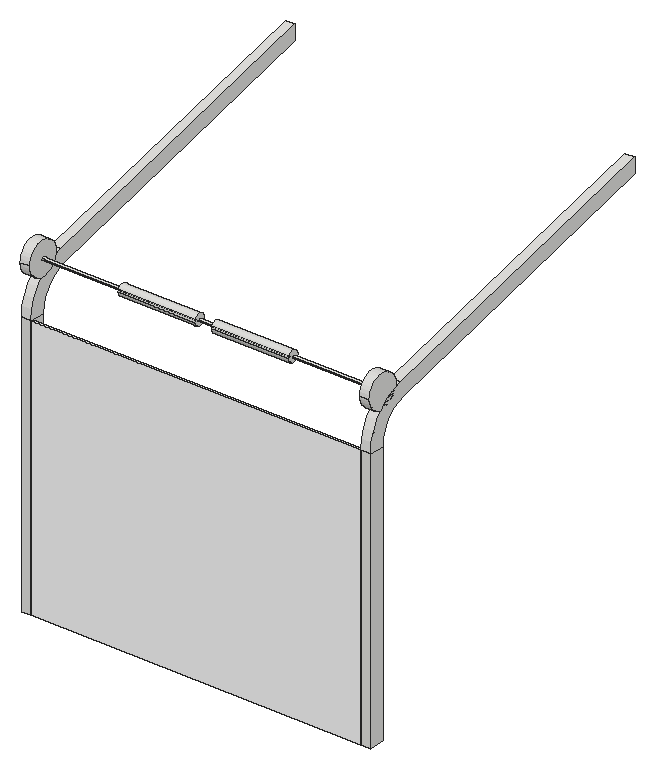
Revit family "Cruiserweight-NI-XLT-312P", category Generic Models, host Wall, Revit 2026
Family settings
  Host = Wall
  Can host rebar = No
  Round Connector Dimension = Use Diameter
  Part Type = Normal
  Always vertical = Yes
  Cut with Voids When Loaded = Yes
  Maintain Annotation Orientation = No
  Shared = No
  Room Calculation Point = No
Parameters (values of type "10' x 8'")
  VerticalTrack = TrackHeight - (1' 6")  # 8' - 0"
  Type Comments = "Non-Insulated"  # constant formula
  TrackWidth = 0' - 3 1/2"
  TrackHeight = OpeningHeight + HeadRoom  # 9' - 6"
  TrackDepth = 0' - 5 3/8"
  PanelSize = 2' - 0"  # constant formula
  OpeningWidth = 10' - 0"
  OpeningHeight = 8' - 0"
  Model = "Cruiserweight"  # constant formula
  Manufacturer = "TKO"  # constant formula
  HorizTrack = OpeningHeight - HeadRoom + 2' 0"  # 8' - 6"
  HeadRoom = 1' - 6"  # constant formula
  DoorThk = 0' - 0 3/4"  # constant formula
  Description = "Sectional Door"  # constant formula
  Default Elevation = 0' - 0"
Types (10): name | VerticalTrack | TrackHeight | OpeningWidth | OpeningHeight | HorizTrack
  (no name) | 8' - 0" | 9' - 6" | 10' - 0" | 8' - 0" | 8' - 6"
  8' x 10' | 10' - 0" | 11' - 6" | 8' - 0" | 10' - 0" | 10' - 6"
  9' x 10' | 10' - 0" | 11' - 6" | 9' - 0" | 10' - 0" | 10' - 6"
  10' x 10' | 10' - 0" | 11' - 6" | 10' - 0" | 10' - 0" | 10' - 6"
  10' x 8' | 8' - 0" | 9' - 6" | 10' - 0" | 8' - 0" | 8' - 6"
  10' x 9' | 9' - 0" | 10' - 6" | 10' - 0" | 9' - 0" | 9' - 6"
  8' x 9' | 9' - 0" | 10' - 6" | 8' - 0" | 9' - 0" | 9' - 6"
  8' x 8' | 8' - 0" | 9' - 6" | 8' - 0" | 8' - 0" | 8' - 6"
  9' x 9' | 9' - 0" | 10' - 6" | 9' - 0" | 9' - 0" | 9' - 6"
  9' x 8' | 9' - 0" | 10' - 6" | 9' - 0" | 9' - 0" | 9' - 6"
Reference planes (in)
  plane 1: y = 0
  plane 2 "Center (Left/Right)": x = 0
  plane 3 "Wall Edge": y = 3
  plane 4: x = -60
  plane 5: x = 60
  plane 6: z = 96
  plane 7: y = 3
  plane 8: y = 3.75
  plane 9: z = 24
  plane 10: z = 48
  plane 11: z = 72
  plane 12: x = -63.5
  plane 13: x = 63.5
  plane 14: y = 8.375
  plane 15: z = 114
  plane 16: z = 96
  plane 17: z = 120
  plane 18: x = -3
  plane 19: x = 3
  plane 20: x = 31
  plane 21: x = -31
  plane 22: z = 96
  plane 23: y = 21
  plane 24: y = 123
  plane 25: y = 12
Forms (in)
  Extrusion 1, void
    sketch origin (0, 3, 0) x (1, 0, 0) y (0, 0, 1)
      loop
        line (60, 96) -> (-60, 96) -> (-60, 0) -> (60, 0) -> (60, 96)
    from 0 to 6
  Extrusion 2, solid, material "DOOR PANEL"
    sketch origin (0, 0, 0) x (1, 0, 0) y (0, 1, 0)
      loop
        line (-60, 3.75) -> (-60, 3) -> (60, 3) -> (60, 3.75) -> (-60, 3.75)
    from 0 to 96
  Extrusion 3, solid, material "Steel"
    sketch origin (0, 0, 0) x (1, 0, 0) y (0, 1, 0)
      loop
        line (-63.5, 8.375) -> (-63.5, 3) -> (-60, 3) -> (-60, 8.375) -> (-63.5, 8.375)
      loop
        line (60, 8.375) -> (60, 3) -> (63.5, 3) -> (63.5, 8.375) -> (60, 8.375)
    from 0 to 96
  Extrusion 4, solid, material "Steel"
    sketch origin (0, 0, 0) x (0, 1, 0) y (0, 0, 1)
      loop
        circle (8.375, 114) r 6
    from 60 to 63.5
  Extrusion 5, solid, material "Steel"
    sketch origin (0, -2.79628, 22.87479) x (0, 1, 0) y (0, 0, -1)
      loop
        circle (11.17128, -91.12521) r 6
    from 60 to 63.5
  Extrusion 6, solid, material "Steel"
    sketch origin (0, 0, 0) x (0, 1, 0) y (0, 0, 1)
      loop
        circle (8.375, 114) r 0.5
    from -60 to 60
  Extrusion 7, solid, material "Steel"
    sketch origin (0, 0, 0) x (0, 1, 0) y (0, 0, 1)
      loop
        circle (8.375, 114) r 2
    from 3 to 31
  Extrusion 8, solid, material "Steel"
    sketch origin (0, 0, 0) x (0, 1, 0) y (0, 0, -1)
      loop
        circle (8.375, -114) r 2
    from 3 to 31
  Extrusion 9, solid, material "Steel"
    sketch origin (0, 0, 0) x (0, 1, 0) y (0, 0, 1)
      loop
        line (3, 96) -> (8.375, 96)
        arc (8.375, 96) -> (11.05136, 103.77273) -> (17.94574, 108.24998) r 12.625
        line (17.94574, 108.24998) -> (123, 134.44295) -> (123, 139.9825) -> (16.64541, 113.46532)
        arc (16.64541, 113.46532) -> (6.81581, 107.08191) -> (3, 96) r 18
    from 60 to 63.5
  Extrusion 10, solid, material "Steel"
    sketch origin (0, 0, 0) x (0, 1, 0) y (0, 0, -1)
      loop
        arc (3, -96) -> (6.81581, -107.08191) -> (16.64541, -113.46532) r 18
        line (16.64541, -113.46532) -> (123, -139.9825) -> (123, -134.44295) -> (17.94574, -108.24998)
        arc (17.94574, -108.24998) -> (11.05136, -103.77273) -> (8.375, -96) r 12.625
        line (8.375, -96) -> (3, -96)
    from 60 to 63.5
Cuts and joins
  joined: Extrusion 3, Extrusion 4, Extrusion 5
Lines and regions (in)
  model lines
    curve 1: line (60, 3, 24) -> (-60, 3, 24)
    curve 2: line (-60, 3, 48) -> (60, 3, 48)
    curve 3: line (60, 3, 72) -> (-60, 3, 72)
    curve 4: line (60, 3, 96) -> (-60, 3, 96)
    curve 5: line (60, 3, 120) -> (-60, 3, 120)
Text (in)
  text "Placement Side" at (0, 40.15149, 123.01588), in view "Right"
  text "Placement Side" at (-70.3804, 83.26548, 0), in view "Ref. Level"
  text "Placement Side" at (0, 81.62555, 140.59947), in view "Left"
Dimensions and locks (in)
  locked: plane 3 "Wall Edge" to host wall
  equal spacing: plane 5, plane 2 "Center (Left/Right)", plane 4
  "OpeningWidth": plane 5 to plane 4
  "DoorThk": plane 7 to plane 8
  "TrackDepth": plane 14 to plane 7
  "TrackWidth": plane 12 to plane 4
  "TrackWidth": plane 5 to plane 13
  "PanelSize": plane 9 to level
  equal spacing: plane 17, plane 16, plane 11, plane 10, plane 9, level
  "OpeningHeight": level to plane 6
  equal spacing: plane 18, plane 2 "Center (Left/Right)", plane 19, locked at 3 each
  locked: plane 21 to plane 18 at 28
  locked: plane 19 to plane 20 at 28
  "VerticalTrack": level to plane 22
  "HeadRoom": plane 6 to plane 15
  locked: plane 7 to plane 23 at 18
  "HorizTrack": plane 24 to plane 23
  locked: plane 7 to plane 25 at 9
  radius of Extrusion 4 sketch curve = 0' - 6"
  radius of Extrusion 5 sketch curve = 0' - 6"
  radius of Extrusion 6 sketch curve = 0' - 0 1/2"
  radius of Extrusion 7 sketch curve = 0' - 2"
  radius of Extrusion 8 sketch curve = 0' - 2"
  radius of Extrusion 9 sketch curve = 1' - 6"
  radius of Extrusion 9 sketch curve = 1' - 0 5/8"
  radius of Extrusion 10 sketch curve = 1' - 6"
  radius of Extrusion 10 sketch curve = 1' - 0 5/8"
  locked: plane 22 to Extrusion 9 sketch curve (angle 14.00°)  (x2)
  aligned and locked: host wall to plane 7
  aligned and locked: Extrusion 1 sketch curve to plane 5
  aligned and locked: Extrusion 1 sketch curve to plane 4
  aligned and locked: Extrusion 1 to plane 7
  aligned and locked: host wall to Extrusion 1
  aligned and locked: Extrusion 2 to plane 3 "Wall Edge"
  aligned and locked: plane 8 to Extrusion 2
  aligned and locked: Extrusion 2 to plane 6
  aligned and locked: Extrusion 3 sketch curve to plane 14  (x2)
  aligned and locked: Extrusion 3 sketch curve to plane 12
  aligned and locked: curve 1 to Extrusion 3 sketch curve
  aligned and locked: plane 5 to Extrusion 3 sketch curve
  aligned and locked: Extrusion 3 sketch curve to plane 7
  aligned and locked: Extrusion 3 sketch curve to plane 13
  aligned and locked: plane 15 to Extrusion 4 sketch curve
  aligned and locked: Extrusion 3 to Extrusion 4 sketch curve
  aligned and locked: Extrusion 4 to plane 13
  aligned and locked: Extrusion 4 to plane 5
  aligned and locked: plane 4 to Extrusion 5
  aligned and locked: Extrusion 5 to plane 12
  aligned and locked: curve 2 to plane 10
  aligned and locked: curve 3 to plane 11
  aligned and locked: curve 1 to plane 9
  aligned and locked: cut or joined group of Extrusion 3, Extrusion 4, Extrusion 5 to Extrusion 6 sketch curve
  aligned and locked: plane 5 to Extrusion 6
  aligned and locked: Extrusion 6 to plane 4
  aligned and locked: cut or joined group of Extrusion 3, Extrusion 4, Extrusion 5 to level
  aligned and locked: Extrusion 2 to level
  aligned and locked: curve 4 to plane 16
  aligned and locked: curve 5 to plane 17
  aligned and locked: level to Extrusion 2
  aligned and locked: Extrusion 1 sketch curve to level
  aligned and locked: Extrusion 1 sketch curve to plane 6
  aligned and locked: plane 15 to Extrusion 7 sketch curve
  aligned and locked: plane 14 to Extrusion 7 sketch curve
  aligned and locked: Extrusion 7 to plane 20
  aligned and locked: plane 19 to Extrusion 7
  aligned and locked: Extrusion 8 to plane 18
  aligned and locked: plane 21 to Extrusion 8
  aligned and locked: plane 15 to Extrusion 8 sketch curve
  aligned and locked: plane 14 to Extrusion 8 sketch curve
  aligned and locked: plane 22 to cut or joined group of Extrusion 3, Extrusion 4, Extrusion 5
  aligned and locked: Extrusion 9 sketch curve to cut or joined group of Extrusion 3, Extrusion 4, Extrusion 5
  aligned and locked: plane 24 to Extrusion 9 sketch curve
  aligned and locked: plane 22 to Extrusion 9 sketch curve
  aligned and locked: plane 13 to Extrusion 9
  aligned and locked: Extrusion 9 to plane 5
  aligned and locked: Extrusion 10 to plane 12
  aligned and locked: plane 4 to Extrusion 10
  aligned and locked: plane 24 to Extrusion 10
  aligned and locked: Extrusion 10 to plane 22
  aligned and locked: Extrusion 9 to Extrusion 10  (x2)
  aligned and locked: Extrusion 9 to plane 22
  aligned and locked: plane 24 to Extrusion 9
  aligned and locked: Extrusion 10 sketch curve to Extrusion 9  (x2)
  aligned and locked: Extrusion 10 sketch curve to plane 24
  aligned and locked: Extrusion 10 sketch curve to plane 22
  aligned and locked: plane 15 to Extrusion 5 sketch curve
  aligned and locked: plane 14 to Extrusion 5 sketch curve
  aligned and locked: Extrusion 2 to plane 4
  aligned and locked: Extrusion 2 to plane 5
  aligned and locked: cut or joined group of Extrusion 3, Extrusion 4, Extrusion 5 to Extrusion 2
Automatic sketch dimensions
  Extrusion 2 sketch curve to host wall = 0' - 0"
  Extrusion 2 sketch curve to plane 4 = 0' - 0"
  plane 5 to Extrusion 2 sketch curve = 0' - 0"
  Extrusion 2 sketch curve to plane 8 = 0' - 0"
  curve 3 to plane 4 = 0' - 0"
  curve 1 to plane 4 = 0' - 0"
  curve 2 to plane 4 = 0' - 0"
  curve 4 to plane 4 = 0' - 0"
  curve 5 to plane 4 = 0' - 0"
  curve 4 to plane 5 = 0' - 0"
  curve 2 to plane 5 = 0' - 0"
  curve 5 to plane 5 = 0' - 0"
  curve 1 to plane 5 = 0' - 0"
  curve 3 to plane 5 = 0' - 0"
  plane 4 to Extrusion 3 sketch curve = 0' - 0"
  Extrusion 3 sketch curve to plane 13 = 0' - 0"
  Extrusion 6 sketch curve to plane 15 = 0' - 0"
  Extrusion 9 sketch curve to Extrusion 9 sketch curve = 0' - 0"
  Extrusion 9 sketch curve to host wall = 0' - 0"
  Extrusion 9 sketch curve to plane 15 = 0' - 0.53468"
  Extrusion 9 sketch curve to plane 23 = 0' - 3.05426"
  Extrusion 10 sketch curve to plane 15 = 0' - 0.53468"
  Extrusion 10 sketch curve to plane 23 = 0' - 3.05426"
